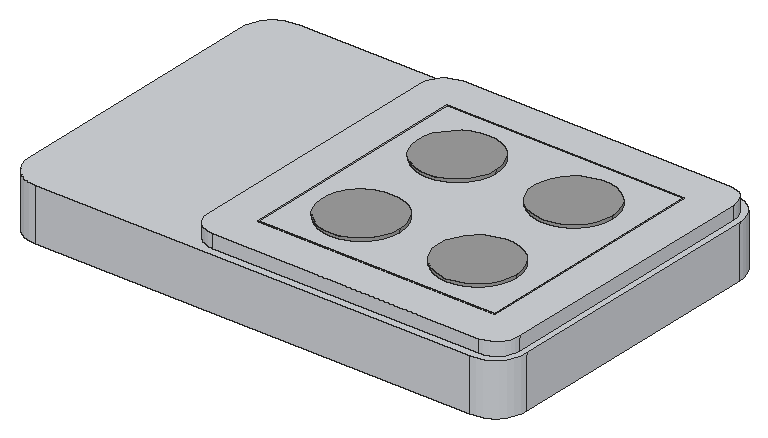
Revit family "Lighting-Industriale-GEWISS-SMART[4]HLO_APPARECCHI-LED_1M_DALI", category Apparecchi per illuminazione, Revit 2019
Family settings
  Quota connettore circolare = Usa diametro
  Tipo di parte = Normale
  Numero OmniClass = 23.80.00.00
  Titolo OmniClass = Electric Power and Lighting
  Basato su piano di lavoro = Sì
  Sempre verticale = No
  Taglio con vuoti quando caricato = No
  Sorgente d'illuminazione = No
  Condiviso = No
  Punto di calcolo locali = No
Parameters (values of type "GWS4123BQ857 - SMART4LB 1M C.PAS.DALI HLO ELL.57K")
  Voltaggio = 230 V
  Viti esterne = "Acciaio inox"
  Vetro acceso = Lampada accesa
  Versione file RFA = "20.11"
  Vano di alimentazione = "Integrato"
  URL = "https://www.gewiss.com/it/it"
  Tolleranza cromatica = "SDCM = 3"
  Tipologia sorgente luminosa = "LED - Non sostituibile"
  Tipo di installazione e montaggio = "Plafone - Parete - Sospensione"
  Tipo di apparecchio = "Riflettore industriale a LED&nbsp;"
  Tensione di alimentazione = "220 - 240 V"
  Temperatura di stoccaggio = "-40 +70 °C"
  Temperatura di esercizio = "-30°C ÷ +50 °C"
  Temperatura di colore = "5700K"
  Superficie massima esposta al vento : = "0,097 m²"
  Spostamento_Y_etichetta [instance] = 0 mm
  Spostamento_Y_effettivo_etichetta [instance] = 1500 mm - Spostamento_Y_etichetta  # 1500 mm
  Spostamento_X_etichetta [instance] = 0 mm
  Spostamento_X_effettivo_etichetta [instance] = 1500 mm - Spostamento_X_etichetta  # 1500 mm
  SostituibilitÃ  piastra di cablaggio = "Non sostituibile"
  SostituibilitÃ  gruppo ottico = "Non sostituibile"
  Sistema di controllo : = "DALI"
  Sistema di controllo = "1 x DALI DT6"
  Schermo = "Vetro Temprato Spessore 4mm"
  Scheda Tecnica = "https://www.gewiss.com/it/it/search?q=GWS4123BQ857"
  SEO = "Low Bay"
  Resistenza al filo incandescente = "850 °C"
  Resistenza agli urti = "IK08"
  Produttore = "GEWISS S.p.A."
  Potenza di sistema = "64W"
  Peso (kg): = "3,5"
  Ottica = "Ellittica"
  Offset etichetta W [instance] = 120 mm
  Norma di riferimento = "EN 60598-1 ; EN 60598-2-1 ; EN 60598-2-24"
  Modello = "GWS4123BQ857"
  Materiali = "-"
  Lumen output (lm) = "8200"
  Lampada = "LED"
  Installazione e manutenzione = "-"
  Informazioni generali = "-"
  Indice di resa cromatica = "CRI-80"
  Inclinazione = "Con accessorio staffa"
  Immagine tipo = GWL1071.jpg
  IPEA = "-"
  IFC.TypeObject = ""
  IFC.ExportType = ""
  IFC.ExportAs = ""
  IDT = "0f19f0c5244441bab192072dc14552b5"
  IDF = "b18c6a4f-d068-432d-b6b1-00c99e93b5ad"
  Guarnizioni = "tipo siliconico antinvecchiamento "
  Gruppo ottico = "Riflettore in PC metallizzato e lenti in PMMA"
  Grado di protezione = "IP66"
  Garanzia = "5 anni"
  Gancio di chiusura = "-"
  Frequenza nominale (Hz) = "50/60 Hz"
  Fissaggio = "-"
  Finitura colore = "Grigio RAL 7035"
  Etichetta wattaggio [instance] = yes
  Default Elevation = 1219.2 mm
  Trasformatore = none
  Spessore plafoniera = 40 mm  # constant formula
  Proiettsmart [instance] = yes
  Raggio led = 30 mm  # constant formula
  Plafoniera = none
  Efficienza luminosa (lm/W) = "128"
  Durata di vita = "L90B10 (Tq+25°C) = 100.000 h - L90B10 (Tq+50°C) = 50.000 h"
  Dispositivo di protezione = "DM 6 kV / CM 10 kV"
  Descrizione = "SMART[4]LB 1M C.PAS.DALI HLO ELL.57K"
  Creato da GEWISS S.p.A. = ""
  Corpo = "PA6 “Halogen Free” caricato fibra vetro"
  Controllo abbagliamento e luminanza = "-"
  Contesto = "Illuminazione di logistiche e locali produttivi industriali"
  Commenti sul wattaggio = "50W"
  Colore = "Grigio RAL 7035"
  Codice digitale univoco (Datamatrix) = "Datamatrix"
  Codice Electrocod = "2444"
  Classificazione: = "-"
  Classificazione = Lighting
  Classe isolamento = "I"
  Classe fotobiologica = "RG0"
  Certificazioni e classificazioni = "-"
  Certificazione DIN 18032-3 = "Con Staffa - Kit Funi + morsetto (in approvazione)"
  Catalogo = "LIGHTING"
  Carico apparente = 50 VA
  Motore = none
  Lunghezza = 383 mm  # constant formula
  Larghezza = 253 mm  # constant formula
  Distanza tot_plafoniera = 74 mm  # constant formula
  Dettaglio bidimensionale attivo [instance] = not(Proiettsmart)  # no
  Caratteristiche ottiche e illuminotecniche = "-"
  Caratteristiche elettriche e gestione della luce = "-"
  Cablaggio = "Con connettore stagno Gw connect"
  COBie.Tagnumber = ""
  COBie.CreatedOn = ""
  COBie.CreatebBy = ""
  COBie.ComponentRegisterItemID = ""
  COBie.Component.TagNumber = ""
  COBie.Component.Space = ""
  COBie.Component.SerialNumber = ""
  COBie.Component.InstallationDate = ""
  COBie.Component.Description = ""
  COBie.Component.BarCode = ""
  Applicazione = "Interno"
  Apparecchio a ridotta temperatura superficiale = "Si"
  Alimentatore = "Incluso"
Types (36, lengths in mm): name | Temperatura di colore | Scheda Tecnica | SEO | Ottica | Modello | Lumen output (lm) | IDT | Gruppo ottico | Efficienza luminosa (lm/W) | Descrizione | Controllo abbagliamento e luminanza
  GWS4121BA830 - SMART4LB 1M ST.AL.DALI HLO ARR.30K | "3000K" | "https://www.gewiss.com/it/it/search?q=GWS4121BA830" | "" | "Array" | "GWS4121BA830" | "8700" | "3c8c9cd2a1f8466ea330df7b803f5e3e" | "Riflettore in PC metallizzato" | "136" | "SMART[4]LB 1M ST.AL.DALI HLO ARR.30K" | "-"
  GWS4121BA840 - SMART4LB 1M ST.AL.DALI HLO ARR.40K | "4000K" | "https://www.gewiss.com/it/it/search?q=GWS4121BA840" | "" | "Array" | "GWS4121BA840" | "9200" | "fc32e31fcfe947ef98c649eb0c9092ca" | "Riflettore in PC metallizzato" | "144" | "SMART[4]LB 1M ST.AL.DALI HLO ARR.40K" | "-"
  GWS4121BA857 - SMART4LB 1M ST.AL.DALI HLO ARR.57K | "5700K" | "https://www.gewiss.com/it/it/search?q=GWS4121BA857" | "" | "Array" | "GWS4121BA857" | "9200" | "cf8a8344517a413eb03ec89a6845701b" | "Riflettore in PC metallizzato" | "144" | "SMART[4]LB 1M ST.AL.DALI HLO ARR.57K" | "-"
  GWS4121BC830 - SMART4LB 1M ST.AL.DALI HLO ASI.30K | "3000K" | "https://www.gewiss.com/it/it/search?q=GWS4121BC830" | "Low Bay" | "Asimmetrica" | "GWS4121BC830" | "7800" | "a0b648026476420b8dc21789f594ab3c" | "Riflettore in PC metallizzato e lenti in PMMA" | "122" | "SMART[4]LB 1M ST.AL.DALI HLO ASI.30K" | "-"
  GWS4121BC840 - SMART4LB 1M ST.AL.DALI HLO ASI.40K | "4000K" | "https://www.gewiss.com/it/it/search?q=GWS4121BC840" | "Low Bay" | "Asimmetrica" | "GWS4121BC840" | "8200" | "88e05dfef13146d99efdb6a832d9ab8c" | "Riflettore in PC metallizzato e lenti in PMMA" | "128" | "SMART[4]LB 1M ST.AL.DALI HLO ASI.40K" | "-"
  GWS4121BC857 - SMART4LB 1M ST.AL.DALI HLO ASI.57K | "5700K" | "https://www.gewiss.com/it/it/search?q=GWS4121BC857" | "Low Bay" | "Asimmetrica" | "GWS4121BC857" | "8200" | "9ff981c9860f40c5b783777c3291eb13" | "Riflettore in PC metallizzato e lenti in PMMA" | "128" | "SMART[4]LB 1M ST.AL.DALI HLO ASI.57K" | "-"
  GWS4121BF830 - SMART4LB 1M ST.AL.DALI HLO 30° 30K | "3000K" | "https://www.gewiss.com/it/it/search?q=GWS4121BF830" | "" | "30°" | "GWS4121BF830" | "8600" | "a25cc7125eb34224b572debc80b601d7" | "Riflettore in PC metallizzato e lenti in PMMA" | "134" | "SMART[4]LB 1M ST.AL.DALI HLO 30° 30K" | "UGR - 22"
  GWS4121BF840 - SMART4LB 1M ST.AL.DALI HLO 30° 40K | "4000K" | "https://www.gewiss.com/it/it/search?q=GWS4121BF840" | "" | "30°" | "GWS4121BF840" | "9000" | "d29e8aeb44ce46139e3ee9839a01651b" | "Riflettore in PC metallizzato e lenti in PMMA" | "141" | "SMART[4]LB 1M ST.AL.DALI HLO 30° 40K" | "UGR - 22"
  GWS4121BF857 - SMART4LB 1M ST.AL.DALI HLO 30° 57K | "5700K" | "https://www.gewiss.com/it/it/search?q=GWS4121BF857" | "" | "30°" | "GWS4121BF857" | "9000" | "33cec2ce45a848bb8ca47bcfa83b6f1e" | "Riflettore in PC metallizzato e lenti in PMMA" | "141" | "SMART[4]LB 1M ST.AL.DALI HLO 30° 57K" | "UGR - 22"
  GWS4121BH830 - SMART4LB 1M ST.AL.DALI HLO 60° 30K | "3000K" | "https://www.gewiss.com/it/it/search?q=GWS4121BH830" | "" | "60°" | "GWS4121BH830" | "8700" | "e9044566d9f142cb86b239b58a093b83" | "Riflettore in PC metallizzato e lenti in PMMA" | "136" | "SMART[4]LB 1M ST.AL.DALI HLO 60° 30K" | "UGR - 25"
  GWS4121BH840 - SMART4LB 1M ST.AL.DALI HLO 60° 40K | "4000K" | "https://www.gewiss.com/it/it/search?q=GWS4121BH840" | "" | "60°" | "GWS4121BH840" | "9200" | "d5c5bb56d87444a69fc6f2bb007e5cd2" | "Riflettore in PC metallizzato e lenti in PMMA" | "144" | "SMART[4]LB 1M ST.AL.DALI HLO 60° 40K" | "UGR - 25"
  GWS4121BH857 - SMART4LB 1M ST.AL.DALI HLO 60° 57K | "5700K" | "https://www.gewiss.com/it/it/search?q=GWS4121BH857" | "" | "60°" | "GWS4121BH857" | "9200" | "0def7b99f0bd4d9e8ef09be3a887c532" | "Riflettore in PC metallizzato e lenti in PMMA" | "144" | "SMART[4]LB 1M ST.AL.DALI HLO 60° 57K" | "UGR - 25"
  GWS4121BP830 - SMART4LB 1M ST.AL.DALI HLO 90° 30K | "3000K" | "https://www.gewiss.com/it/it/search?q=GWS4121BP830" | "" | "90°" | "GWS4121BP830" | "8800" | "e4cf1c9a884642aba78b24a96ff78798" | "Riflettore in PC metallizzato e lenti in PMMA" | "138" | "SMART[4]LB 1M ST.AL.DALI HLO 90° 30K" | "UGR - 25"
  GWS4121BP840 - SMART4LB 1M ST.AL.DALI HLO 90° 40K | "4000K" | "https://www.gewiss.com/it/it/search?q=GWS4121BP840" | "" | "90°" | "GWS4121BP840" | "9200" | "7dd5841921884531b88a6f8bfa8e61b4" | "Riflettore in PC metallizzato e lenti in PMMA" | "144" | "SMART[4]LB 1M ST.AL.DALI HLO 90° 40K" | "UGR - 25"
  GWS4121BP857 - SMART4LB 1M ST.AL.DALI HLO 90° 57K | "5700K" | "https://www.gewiss.com/it/it/search?q=GWS4121BP857" | "" | "90°" | "GWS4121BP857" | "9200" | "cb277817826749b794fbcda43e3a19d6" | "Riflettore in PC metallizzato e lenti in PMMA" | "144" | "SMART[4]LB 1M ST.AL.DALI HLO 90° 57K" | "UGR - 25"
  GWS4121BQ830 - SMART4LB 1M ST.AL.DALI HLO ELL.30K | "3000K" | "https://www.gewiss.com/it/it/search?q=GWS4121BQ830" | "Low Bay" | "Ellittica" | "GWS4121BQ830" | "7800" | "1e9ce777929e46018d5902249b083327" | "Riflettore in PC metallizzato e lenti in PMMA" | "122" | "SMART[4]LB 1M ST.AL.DALI HLO ELL.30K" | "-"
  GWS4121BQ840 - SMART4LB 1M ST.AL.DALI HLO ELL.40K | "4000K" | "https://www.gewiss.com/it/it/search?q=GWS4121BQ840" | "Low Bay" | "Ellittica" | "GWS4121BQ840" | "8200" | "864ab2423d074fd385efe1e645d140bf" | "Riflettore in PC metallizzato e lenti in PMMA" | "128" | "SMART[4]LB 1M ST.AL.DALI HLO ELL.40K" | "-"
  GWS4121BQ857 - SMART4LB 1M ST.AL.DALI HLO ELL.57K | "5700K" | "https://www.gewiss.com/it/it/search?q=GWS4121BQ857" | "Low Bay" | "Ellittica" | "GWS4121BQ857" | "8200" | "25e801fb086948e2b4327555bf07c617" | "Riflettore in PC metallizzato e lenti in PMMA" | "128" | "SMART[4]LB 1M ST.AL.DALI HLO ELL.57K" | "-"
  GWS4123BA830 - SMART4LB 1M C.PAS.DALI HLO ARR.30K | "3000K" | "https://www.gewiss.com/it/it/search?q=GWS4123BA830" | "" | "Array" | "GWS4123BA830" | "8700" | "6fc344f2021542a3b1c946733bec046f" | "Riflettore in PC metallizzato" | "136" | "SMART[4]LB 1M C.PAS.DALI HLO ARR.30K" | "-"
  GWS4123BA840 - SMART4LB 1M C.PAS.DALI HLO ARR.40K | "4000K" | "https://www.gewiss.com/it/it/search?q=GWS4123BA840" | "" | "Array" | "GWS4123BA840" | "9200" | "5fcec995ed3e46dd97f602341056cff6" | "Riflettore in PC metallizzato" | "144" | "SMART[4]LB 1M C.PAS.DALI HLO ARR.40K" | "-"
  GWS4123BA857 - SMART4LB 1M C.PAS.DALI HLO ARR.57K | "5700K" | "https://www.gewiss.com/it/it/search?q=GWS4123BA857" | "" | "Array" | "GWS4123BA857" | "9200" | "cad7cdcff6d94a1cbaaf84e02f2e9f9c" | "Riflettore in PC metallizzato" | "144" | "SMART[4]LB 1M C.PAS.DALI HLO ARR.57K" | "-"
  GWS4123BC830 - SMART4LB 1M C.PAS.DALI HLO ASI.30K | "3000K" | "https://www.gewiss.com/it/it/search?q=GWS4123BC830" | "Low Bay" | "Asimmetrica" | "GWS4123BC830" | "7800" | "506f4d9ad5a044b8b5ea046696c04247" | "Riflettore in PC metallizzato e lenti in PMMA" | "122" | "SMART[4]LB 1M C.PAS.DALI HLO ASI.30K" | "-"
  GWS4123BC840 - SMART4LB 1M C.PAS.DALI HLO ASI.40K | "4000K" | "https://www.gewiss.com/it/it/search?q=GWS4123BC840" | "Low Bay" | "Asimmetrica" | "GWS4123BC840" | "8200" | "a50ae92af3244e0aadfb2ab6c186a472" | "Riflettore in PC metallizzato e lenti in PMMA" | "128" | "SMART[4]LB 1M C.PAS.DALI HLO ASI.40K" | "-"
  GWS4123BC857 - SMART4LB 1M C.PAS.DALI HLO ASI.57K | "5700K" | "https://www.gewiss.com/it/it/search?q=GWS4123BC857" | "Low Bay" | "Asimmetrica" | "GWS4123BC857" | "8200" | "e3c59657c70f4f66a7e8467e85947b53" | "Riflettore in PC metallizzato e lenti in PMMA" | "128" | "SMART[4]LB 1M C.PAS.DALI HLO ASI.57K" | "-"
  GWS4123BF830 - SMART4LB 1M C.PAS.DALI HLO 30° 30K | "3000K" | "https://www.gewiss.com/it/it/search?q=GWS4123BF830" | "" | "30°" | "GWS4123BF830" | "8600" | "8fe097f7d60a4ec2a90aec73ccdb869a" | "Riflettore in PC metallizzato e lenti in PMMA" | "134" | "SMART[4]LB 1M C.PAS.DALI HLO 30° 30K" | "UGR - 22"
  GWS4123BF840 - SMART4LB 1M C.PAS.DALI HLO 30° 40K | "4000K" | "https://www.gewiss.com/it/it/search?q=GWS4123BF840" | "" | "30°" | "GWS4123BF840" | "9000" | "2c78ef94f8dc4b6eb48cc91e5226dd56" | "Riflettore in PC metallizzato e lenti in PMMA" | "141" | "SMART[4]LB 1M C.PAS.DALI HLO 30° 40K" | "UGR - 22"
  GWS4123BF857 - SMART4LB 1M C.PAS.DALI HLO 30° 57K | "5700K" | "https://www.gewiss.com/it/it/search?q=GWS4123BF857" | "" | "30°" | "GWS4123BF857" | "9000" | "e72fbe3d36494be5b6a607f2f80b7e8c" | "Riflettore in PC metallizzato e lenti in PMMA" | "141" | "SMART[4]LB 1M C.PAS.DALI HLO 30° 57K" | "UGR - 22"
  GWS4123BH830 - SMART4LB 1M C.PAS.DALI HLO 60° 30K | "3000K" | "https://www.gewiss.com/it/it/search?q=GWS4123BH830" | "" | "60°" | "GWS4123BH830" | "8700" | "332ed2f7157f4022bec102e0d33e26fe" | "Riflettore in PC metallizzato e lenti in PMMA" | "136" | "SMART[4]LB 1M C.PAS.DALI HLO 60° 30K" | "UGR - 25"
  GWS4123BH840 - SMART4LB 1M C.PAS.DALI HLO 60° 40K | "4000K" | "https://www.gewiss.com/it/it/search?q=GWS4123BH840" | "" | "60°" | "GWS4123BH840" | "9200" | "be55320ac3cc4c30ab8e75c2cf8222e5" | "Riflettore in PC metallizzato e lenti in PMMA" | "144" | "SMART[4]LB 1M C.PAS.DALI HLO 60° 40K" | "UGR - 25"
  GWS4123BH857 - SMART4LB 1M C.PAS.DALI HLO 60° 57K | "5700K" | "https://www.gewiss.com/it/it/search?q=GWS4123BH857" | "" | "60°" | "GWS4123BH857" | "9200" | "0a12d31ccdb84652b1b2a166e5128af2" | "Riflettore in PC metallizzato e lenti in PMMA" | "144" | "SMART[4]LB 1M C.PAS.DALI HLO 60° 57K" | "UGR - 25"
  GWS4123BP830 - SMART4LB 1M C.PAS.DALI HLO 90° 30K | "3000K" | "https://www.gewiss.com/it/it/search?q=GWS4123BP830" | "" | "90°" | "GWS4123BP830" | "8800" | "c0ab7bf293074d3eb7aa119152d3f6b5" | "Riflettore in PC metallizzato e lenti in PMMA" | "138" | "SMART[4]LB 1M C.PAS.DALI HLO 90° 30K" | "UGR - 25"
  GWS4123BP840 - SMART4LB 1M C.PAS.DALI HLO 90° 40K | "4000K" | "https://www.gewiss.com/it/it/search?q=GWS4123BP840" | "" | "90°" | "GWS4123BP840" | "9200" | "d1b9887548ab42a0939a33bf9b0ca247" | "Riflettore in PC metallizzato e lenti in PMMA" | "144" | "SMART[4]LB 1M C.PAS.DALI HLO 90° 40K" | "UGR - 25"
  GWS4123BP857 - SMART4LB 1M C.PAS.DALI HLO 90° 57K | "5700K" | "https://www.gewiss.com/it/it/search?q=GWS4123BP857" | "" | "90°" | "GWS4123BP857" | "9200" | "d0153c7a045b47d38d3cf9b3a6626c4d" | "Riflettore in PC metallizzato e lenti in PMMA" | "144" | "SMART[4]LB 1M C.PAS.DALI HLO 90° 57K" | "UGR - 25"
  GWS4123BQ830 - SMART4LB 1M C.PAS.DALI HLO ELL.30K | "3000K" | "https://www.gewiss.com/it/it/search?q=GWS4123BQ830" | "Low Bay" | "Ellittica" | "GWS4123BQ830" | "7800" | "bbe2d4bfdb1746bab4d4adc563020c20" | "Riflettore in PC metallizzato e lenti in PMMA" | "122" | "SMART[4]LB 1M C.PAS.DALI HLO ELL.30K" | "-"
  GWS4123BQ840 - SMART4LB 1M C.PAS.DALI HLO ELL.40K | "4000K" | "https://www.gewiss.com/it/it/search?q=GWS4123BQ840" | "Low Bay" | "Ellittica" | "GWS4123BQ840" | "8200" | "0459e44a1a3244479af00d5aa7a43ae8" | "Riflettore in PC metallizzato e lenti in PMMA" | "128" | "SMART[4]LB 1M C.PAS.DALI HLO ELL.40K" | "-"
  GWS4123BQ857 - SMART4LB 1M C.PAS.DALI HLO ELL.57K | "5700K" | "https://www.gewiss.com/it/it/search?q=GWS4123BQ857" | "Low Bay" | "Ellittica" | "GWS4123BQ857" | "8200" | "0f19f0c5244441bab192072dc14552b5" | "Riflettore in PC metallizzato e lenti in PMMA" | "128" | "SMART[4]LB 1M C.PAS.DALI HLO ELL.57K" | "-"
Reference planes
  plane 1 "Centro (Fronte/Retro)": y = 0
  plane 2: z = 0
  plane 3 "Centro (Sinistra/Destra)": x = 0
  plane 4: x = -191.5
  plane 5: y = 126.5
  plane 6: x = 191.5
  plane 7: y = -126.5
  plane 8: z = -74
  plane 9: x = -175.5
  plane 10: y = -110.5
  plane 11: y = 110.5
  plane 12: x = -60.5
  plane 13: y = 121.5
  plane 14: x = 186.5
  plane 15: y = -120
  plane 16: z = 74
  plane 17: z = 84
  plane 18: z = 86
  plane 19: x = -1500
  plane 20: y = -1500
  plane 21: x = 0
  plane 22: y = 0
Dimensions and locks
  equal spacing: plane 5, plane 1 "Centro (Fronte/Retro)", plane 7
  equal spacing: plane 4, plane 3 "Centro (Sinistra/Destra)", plane 6
  "Lunghezza": plane 4 to plane 6
  "Larghezza": plane 5 to plane 7
  locked: plane 14 to plane 6 at 5
  locked: plane 5 to plane 13 at 5
  nested 3 to plane 8 = 133.058 mm
  locked: plane 4 to plane 9 at 16
  "Offset etichetta W": plane 1 "Centro (Fronte/Retro)" to plane 15
  "Distanza tot_plafoniera": plane 16 to level
  locked: plane 18 to plane 17 at 2
  plane 19 to plane 3 "Centro (Sinistra/Destra)" = 1500 mm
  plane 1 "Centro (Fronte/Retro)" to plane 20 = 1500 mm
  "Spostamento_Y_effettivo_etichetta": plane 22 to plane 20
  "Spostamento_X_effettivo_etichetta": plane 19 to plane 21
  aligned and locked: level to plane 2
  aligned and locked: plane 4 to nested 1
  aligned and locked: plane 6 to nested 1
  aligned and locked: plane 5 to nested 1
  aligned and locked: plane 7 to nested 1
  aligned and locked: plane 14 to nested 2
  aligned and locked: plane 1 "Centro (Fronte/Retro)" to nested 10
  aligned and locked: nested 3 to plane 2
  aligned and locked: plane 16 to nested 1
  aligned and locked: plane 1 "Centro (Fronte/Retro)" to nested 8
  aligned and locked: plane 1 "Centro (Fronte/Retro)" to nested 1
  aligned and locked: plane 1 "Centro (Fronte/Retro)" to nested 2
  aligned and locked: nested 2 to plane 16
  aligned and locked: nested 4 to plane 18
  aligned and locked: plane 18 to nested 6
  aligned and locked: nested 7 to plane 18
  aligned and locked: plane 18 to nested 5
  aligned and locked: nested 9 to plane 22
  aligned and locked: plane 21 to nested 9
Nested families
  nested 1: "Struttura_SMART[4] LB - 2+2 L" at (0, 0, 74), type "SMART Lab (4) 4L"
  nested 2: "mascherina_SMART (4)" at (66.5, 0, 84), type "Maschera_smart (4) 4L", detail levels medium+fine
  nested 3: "Staffa SMART LAB 4" at (65, -20, 59.058) x (0, 1, 0) z (0, 0, -1), type "Staffa SMART LAB 4", detail levels medium+fine
  nested 4: "Gewis - Led" at (20.25, 44.75, 86), type "Gewis - Led", detail levels fine
  nested 5: "Gewis - Led" at (109.75, 44.75, 86) x (-1, 0, 0) z (0, 0, 1), type "Gewis - Led", detail levels fine
  nested 6: "Gewis - Led" at (20.25, -47.75, 86), type "Gewis - Led", detail levels fine
  nested 7: "Gewis - Led" at (109.75, -47.75, 86) x (-1, 0, 0) z (0, 0, 1), type "Gewis - Led", detail levels fine
  nested 8: "Rappr_bidimensionale_SMART[4] LB 4L" at (40, 0, 0), visible <- "Dettaglio bidimensionale attivo", type "SMART[4] LB 4L_bidimensionalerfa"
  nested 9: "ETICHETTA LIGHT" at (0, 0, 0), visible <- "Etichetta wattaggio", type "ETICHETTA LIGHT"
  nested 10: "PROIETTSMART " at (-32.162, 0, 0), visible <- "Proiettsmart", type "PROIETTSMART "
Connectors
  electrical at (0.009, -0.098, 34), driven by "Classificazione", driven by "Carico apparente"
    settings: on nested 1, index 1, voltage 230 V, apparent load 0 VA, apparent load phase1 50 VA, apparent load phase2 0 VA, apparent load phase3 0 VA, power factor 1, load classification "Lighting", number of poles 2, system type 31, power factor state 1, is connector primary yes, connector utility no, sub classification motor no, connector description ""
Definition of nested family "Struttura_SMART[4] LB - 2+2 L"
  Parameters (values of type "SMART Lab (4) 4L")
    Struttura plafoniera = none
    Spessore_plafoniera = 40 mm
    Lunghezza = 383 mm
    Larghezza = 253 mm
  Reference planes
    plane 1 "Asse sorgente illuminazione (F/B)": y = 0
    plane 2: z = 0
    plane 3 "Asse sorgente illuminazione (L/R)": x = 0
    plane 4 "Prospetto sorgente di illuminazione": z = -40
    plane 5 "SX": x = -191.5
    plane 6 "DX": x = 191.5
    plane 7 "DIETRO": y = 126.5
    plane 8 "AVANTI": y = -126.5
    plane 9: x = -51.5
    plane 10: x = 180.5
    plane 11: y = -115.5
    plane 12: y = 115.5
    plane 13: x = -180.5
    plane 14: x = 51.5
  Forms (mm)
    Extrusion 1, solid, material <- "Struttura plafoniera"
      sketch origin (0, 0, 0) x (1, 0, 0) y (0, 1, 0)
        loop
          line (191.5, -102.095) -> (191.5, 102.09)
          arc (191.5, 102.09) -> (184.35, 119.35) -> (167.09, 126.5) r 24.41
          line (167.09, 126.5) -> (-167.009, 126.5)
          arc (-167.009, 126.5) -> (-184.554, 119.1) -> (-191.5, 101.371) r 24.499
          line (-191.5, 101.371) -> (-191.5, -102.092)
          arc (-191.5, -102.092) -> (-184.351, -119.351) -> (-167.092, -126.5) r 24.408
          line (-167.092, -126.5) -> (167.117, -126.5)
          arc (167.117, -126.5) -> (184.334, -119.368) -> (191.465, -102.152) r 24.348
      from -40 to 0
  Dimensions and locks
    equal spacing: plane 5 "SX", plane 3 "Asse sorgente illuminazione (L/R)", plane 6 "DX"
    equal spacing: plane 7 "DIETRO", plane 1 "Asse sorgente illuminazione (F/B)", plane 8 "AVANTI"
    "Lunghezza": plane 5 "SX" to plane 6 "DX"
    "Larghezza": plane 7 "DIETRO" to plane 8 "AVANTI"
    locked: plane 7 "DIETRO" to plane 12 at 11
    locked: plane 11 to plane 8 "AVANTI" at 11
    locked: plane 10 to plane 6 "DX" at 11
    locked: plane 9 to plane 10 at 232
    plane 13 to plane 14 = 232 mm
    locked: plane 5 "SX" to plane 13 at 11
    "Spessore_plafoniera": plane 2 to plane 4 "Prospetto sorgente di illuminazione"
    aligned and locked: level to plane 2
    aligned and locked: Extrusion 1 to plane 5 "SX"
    aligned and locked: Extrusion 1 to plane 8 "AVANTI"  (x2)
    aligned and locked: plane 7 "DIETRO" to Extrusion 1
    aligned and locked: plane 6 "DX" to Extrusion 1
    aligned and locked: plane 4 "Prospetto sorgente di illuminazione" to Extrusion 1
    aligned and locked: plane 2 to Extrusion 1
  Automatic sketch dimensions
    Extrusion 1 sketch curve to plane 5 "SX" = 0 mm
    Extrusion 1 sketch curve to plane 8 "AVANTI" = 0 mm
    Extrusion 1 sketch curve to plane 7 "DIETRO" = 0 mm
    Extrusion 1 sketch curve to plane 6 "DX" = 0 mm
    plane 13 to Extrusion 1 sketch curve = 13.408 mm
    plane 13 to Extrusion 1 sketch curve = 13.491 mm
    Extrusion 1 sketch curve to plane 10 = 13.41 mm
    Extrusion 1 sketch curve to plane 10 = 13.383 mm
    plane 11 to Extrusion 1 sketch curve = 13.348 mm
    Extrusion 1 sketch curve to plane 12 = 14.129 mm
    Extrusion 1 sketch curve to Extrusion 1 sketch curve = 0.056 mm
Definition of nested family "mascherina_SMART (4)"
  Parameters (values of type "Maschera_smart (4) 4L")
    Spessore_mascherina = 10 mm
    Default Elevation = 1219.2 mm
    N.intarsi = (Lunghezza_mascherina - (Bordo * 2)) / 15 mm  # 12
    N._intarsi verticale = (Larghezza_mascherina - (Bordo * 2)) / 17 mm  # 11
    Mascherina = none
    Lunghezza_mascherina = 240 mm
    Larghezza_mascherina = 240 mm
    Distanza_intarsi v. = 41 mm  # constant formula
    Distanza_intarsi = 37 mm  # constant formula
    Bordo = 29 mm
  Reference planes
    plane 1 "Centro (Fronte/Retro)": y = 0
    plane 2: z = 0
    plane 3 "Centro (Sinistra/Destra)": x = 0
    plane 4: x = -120
    plane 5 "Dietro": y = 120
    plane 6: x = 120
    plane 7: y = -120
    plane 8: x = -91
    plane 9: y = -91
    plane 10: x = 91
    plane 11: y = 91
    plane 12: x = -83
    plane 13: y = 94.742
    plane 14: y = -95
    plane 15: z = -10
    plane 16: x = -95
    plane 17: y = 79
    plane 18: y = -79
    plane 19: x = 95
    plane 20: z = -4.799
  Forms (mm)
    Extrusion 1, solid, material <- "Mascherina"
      sketch origin (0, 0, 0) x (1, 0, 0) y (0, 1, 0)
        loop
          arc (-102.5, 120) -> (-114.874, 114.874) -> (-120, 102.5) r 17.5
          line (-120, 102.5) -> (-120, -102.5)
          arc (-120, -102.5) -> (-114.874, -114.874) -> (-102.5, -120) r 17.5
          line (-102.5, -120) -> (102.5, -120)
          arc (102.5, -120) -> (114.874, -114.874) -> (120, -102.5) r 17.5
          line (120, -102.5) -> (120, 102.5)
          arc (120, 102.5) -> (114.874, 114.874) -> (102.5, 120) r 17.5
          line (102.5, 120) -> (-102.5, 120)
        loop
          line (-91, 91) -> (-91, -91) -> (91, -91) -> (91, 91) -> (-91, 91)
      from -10 to 0
    Extrusion 2, solid, material <- "Mascherina"
      sketch origin (0, 0, 0) x (1, 0, 0) y (0, 1, 0)
        loop
          line (-91, 91) -> (-91, -91) -> (91, -91) -> (91, 91) -> (-91, 91)
      from -4.799 to 0
  Dimensions and locks
    equal spacing: plane 4, plane 3 "Centro (Sinistra/Destra)", plane 6
    "Lunghezza_mascherina": plane 4 to plane 6
    equal spacing: plane 5 "Dietro", plane 1 "Centro (Fronte/Retro)", plane 7
    "Larghezza_mascherina": plane 5 "Dietro" to plane 7
    "Bordo": plane 4 to plane 8
    "Bordo": plane 9 to plane 7
    "Bordo": plane 5 "Dietro" to plane 11
    "Bordo": plane 10 to plane 6
    "Distanza_intarsi": plane 4 to plane 12
    locked: plane 13 to plane 11 at 3.742
    "Spessore_mascherina": plane 2 to plane 15
    "Distanza_intarsi v.": plane 5 "Dietro" to plane 17
    "Distanza_intarsi v.": plane 18 to plane 7
    locked: plane 9 to plane 14 at 4
    locked: plane 16 to plane 8 at 4
    locked: plane 10 to plane 19 at 4
    locked: plane 2 to plane 20 at 4.799
    radius of Extrusion 1 sketch curve = 17.5 mm  (x4)
    aligned and locked: level to plane 2
    aligned and locked: plane 4 to Extrusion 1 sketch curve
    aligned and locked: plane 6 to Extrusion 1 sketch curve
    aligned and locked: Extrusion 1 sketch curve to plane 5 "Dietro"
    aligned and locked: Extrusion 1 sketch curve to plane 7
    aligned and locked: Extrusion 1 sketch curve to plane 11
    aligned and locked: plane 8 to Extrusion 1 sketch curve
    aligned and locked: plane 9 to Extrusion 1 sketch curve
    aligned and locked: Extrusion 1 sketch curve to plane 10
    aligned and locked: plane 2 to Extrusion 1
    aligned and locked: Extrusion 1 to plane 15
    aligned and locked: Extrusion 2 sketch curve to plane 10
    aligned and locked: plane 9 to Extrusion 2 sketch curve
    aligned and locked: plane 8 to Extrusion 2 sketch curve
    aligned and locked: Extrusion 2 sketch curve to plane 11
    aligned and locked: plane 2 to Extrusion 2
    aligned and locked: Extrusion 2 to plane 20
Definition of nested family "Staffa SMART LAB 4"
  Parameters (values of type "Staffa SMART LAB 4")
    Staffa = none
    Default Elevation = 1219.2 mm
  Reference planes
    plane 1 "Centro (Fronte/Retro)": y = 0
    plane 2: z = 0
    plane 3 "Centro (Sinistra/Destra)": x = 0
    plane 4: y = 25
    plane 5: y = -25
    plane 6: x = -480
    plane 7: x = 480
    plane 8: z = 340
  Forms (mm)
    Extrusion 1, solid, material <- "Staffa"
      sketch origin (-19.427, 0, 0) x (1, 0, 0) y (0, 0, 1)
        loop
          line (-52.112, 0) -> (-51.312, 0) -> (-51.312, 5.038) -> (-51.312, 7.679) -> (-48.064, 11.553) -> (-48.309, 20.832)
          arc (-48.309, 20.832) -> (-48.108, 21.384) -> (-47.585, 21.651) r 0.801
          line (-47.585, 21.651) -> (-46.541, 21.744)
          arc (-46.541, 21.744) -> (-45.388, 22.346) -> (-44.998, 23.587) r 1.701
          line (-44.998, 23.587) -> (-45.225, 26.168) -> (-47.881, 28.39) -> (-47.881, 32.971) -> (-23.475, 58.058) -> (62.329, 58.058) -> (86.735, 32.971) -> (86.735, 28.39) -> (84.08, 26.168) -> (83.852, 23.587)
          arc (83.852, 23.587) -> (84.243, 22.346) -> (85.396, 21.744) r 1.701
          line (85.396, 21.744) -> (86.439, 21.651)
          arc (86.439, 21.651) -> (86.963, 21.384) -> (87.163, 20.832) r 0.801
          line (87.163, 20.832) -> (86.919, 11.553) -> (90.167, 7.679) -> (90.167, 5.038) -> (90.167, 0) -> (90.967, 0) -> (90.967, 5.038) -> (90.967, 7.979) -> (87.921, 11.618) -> (88.163, 20.806)
          arc (88.163, 20.806) -> (87.71, 22.048) -> (86.531, 22.647) r 1.801
          line (86.531, 22.647) -> (85.484, 22.74)
          arc (85.484, 22.74) -> (85.009, 22.988) -> (84.849, 23.499) r 0.701
          line (84.849, 23.499) -> (85.039, 25.667) -> (87.735, 27.923) -> (87.735, 32.876) -> (86.947, 34.187) -> (62.751, 59.058) -> (-23.897, 59.058) -> (-48.093, 34.187) -> (-48.881, 32.876) -> (-48.881, 27.923) -> (-46.185, 25.667) -> (-45.994, 23.499)
          arc (-45.994, 23.499) -> (-46.155, 22.988) -> (-46.63, 22.74) r 0.701
          line (-46.63, 22.74) -> (-47.676, 22.647)
          arc (-47.676, 22.647) -> (-48.856, 22.048) -> (-49.308, 20.806) r 1.801
          line (-49.308, 20.806) -> (-49.066, 11.618) -> (-52.112, 7.979) -> (-52.112, 5.038) -> (-52.112, 0)
      from -25 to 25
  Dimensions and locks
    equal spacing: plane 6, plane 3 "Centro (Sinistra/Destra)", plane 7
    equal spacing: plane 4, plane 1 "Centro (Fronte/Retro)", plane 5
    plane 4 to plane 5 = 50 mm
    plane 6 to plane 7 = 960 mm
    aligned and locked: level to plane 2
    aligned and locked: plane 4 to Extrusion 1
    aligned and locked: Extrusion 1 to plane 5
  Automatic sketch dimensions
    Extrusion 1 sketch curve to Extrusion 1 sketch curve = 0 mm  (x10)
    Extrusion 1 sketch curve to level = 0 mm  (x2)
    level to Extrusion 1 sketch curve = 5.038 mm
    Extrusion 1 sketch curve to plane 3 "Centro (Sinistra/Destra)" = 71.54 mm
    Extrusion 1 sketch curve to Extrusion 1 sketch curve = 0.8 mm  (x2)
    level to Extrusion 1 sketch curve = 20.806 mm  (x2)
    Extrusion 1 sketch curve to Extrusion 1 sketch curve = 2.804 mm
    level to Extrusion 1 sketch curve = 11.618 mm  (x2)
    Extrusion 1 sketch curve to Extrusion 1 sketch curve = 2.246 mm  (x2)
    Extrusion 1 sketch curve to Extrusion 1 sketch curve = 0.428 mm
    level to Extrusion 1 sketch curve = 20.832 mm  (x2)
    Extrusion 1 sketch curve to Extrusion 1 sketch curve = 1 mm  (x4)
    Extrusion 1 sketch curve to Extrusion 1 sketch curve = 0.788 mm
    level to Extrusion 1 sketch curve = 11.553 mm  (x2)
    Extrusion 1 sketch curve to Extrusion 1 sketch curve = 1.002 mm  (x2)
    level to Extrusion 1 sketch curve = 22.647 mm  (x2)
    Extrusion 1 sketch curve to Extrusion 1 sketch curve = 0.632 mm
    level to Extrusion 1 sketch curve = 21.651 mm  (x2)
    Extrusion 1 sketch curve to Extrusion 1 sketch curve = 0.092 mm  (x2)
    Extrusion 1 sketch curve to Extrusion 1 sketch curve = 0.984 mm
    level to Extrusion 1 sketch curve = 22.74 mm  (x2)
    Extrusion 1 sketch curve to Extrusion 1 sketch curve = 0.062 mm
    level to Extrusion 1 sketch curve = 21.744 mm  (x2)
    Extrusion 1 sketch curve to Extrusion 1 sketch curve = 0.088 mm
    Extrusion 1 sketch curve to Extrusion 1 sketch curve = 0.507 mm
    level to Extrusion 1 sketch curve = 23.499 mm  (x2)
    Extrusion 1 sketch curve to Extrusion 1 sketch curve = 0.698 mm  (x2)
    Extrusion 1 sketch curve to Extrusion 1 sketch curve = 0.96 mm  (x2)
    level to Extrusion 1 sketch curve = 23.587 mm  (x2)
    Extrusion 1 sketch curve to plane 3 "Centro (Sinistra/Destra)" = 43.324 mm
    Extrusion 1 sketch curve to Extrusion 1 sketch curve = 0.422 mm  (x2)
    plane 3 "Centro (Sinistra/Destra)" to Extrusion 1 sketch curve = 42.902 mm
    Extrusion 1 sketch curve to Extrusion 1 sketch curve = 21.523 mm
    level to Extrusion 1 sketch curve = 26.168 mm
    Extrusion 1 sketch curve to Extrusion 1 sketch curve = 0.227 mm
    Extrusion 1 sketch curve to Extrusion 1 sketch curve = 0.996 mm
    level to Extrusion 1 sketch curve = 25.667 mm
    Extrusion 1 sketch curve to Extrusion 1 sketch curve = 0.548 mm
    Extrusion 1 sketch curve to Extrusion 1 sketch curve = 0.966 mm
    Extrusion 1 sketch curve to Extrusion 1 sketch curve = 0.077 mm
    level to Extrusion 1 sketch curve = 28.39 mm
    Extrusion 1 sketch curve to Extrusion 1 sketch curve = 1.696 mm
    Extrusion 1 sketch curve to Extrusion 1 sketch curve = 0.557 mm
    level to Extrusion 1 sketch curve = 34.187 mm
    Extrusion 1 sketch curve to Extrusion 1 sketch curve = 0.212 mm
    Extrusion 1 sketch curve to Extrusion 1 sketch curve = 0.801 mm
    level to Extrusion 1 sketch curve = 7.679 mm
    Extrusion 1 sketch curve to Extrusion 1 sketch curve = 2.641 mm  (x2)
    Extrusion 1 sketch curve to Extrusion 1 sketch curve = 0.3 mm  (x2)
    Extrusion 1 sketch curve to Extrusion 1 sketch curve = 2.168 mm
    Extrusion 1 sketch curve to Extrusion 1 sketch curve = 0.501 mm
    Extrusion 1 sketch curve to Extrusion 1 sketch curve = 0.467 mm  (x2)
    Extrusion 1 sketch curve to Extrusion 1 sketch curve = 2.256 mm
    Extrusion 1 sketch curve to Extrusion 1 sketch curve = 4.486 mm
    Extrusion 1 sketch curve to Extrusion 1 sketch curve = 1.311 mm
    Extrusion 1 sketch curve to Extrusion 1 sketch curve = 0.095 mm  (x2)
    Extrusion 1 sketch curve to Extrusion 1 sketch curve = 1.216 mm
    Extrusion 1 sketch curve to Extrusion 1 sketch curve = 23.87 mm
Definition of nested family "Gewis - Led"
  Parameters (values of type "Gewis - Led")
    Vetro = none
    Raggio led = 30 mm
    Default Elevation = 1219.2 mm
    Estensione vetro = 3 mm
  Reference planes
    plane 1 "Centro (Fronte/Retro)": y = 0
    plane 2: z = 0
    plane 3 "Centro (Sinistra/Destra)": x = 0
  Forms (mm)
    Extrusion 1, solid, material <- "Vetro"
      sketch origin (0, 0, 0) x (1, 0, 0) y (0, 1, 0)
        loop
          circle (0, 0) r 30
      from -3 to 0
  Dimensions and locks
    "Estensione vetro": level to Extrusion 1
    "Raggio led": radius of Extrusion 1 sketch curve
    aligned and locked: level to plane 2
    aligned and locked: level to Extrusion 1
  Automatic sketch dimensions
    plane 1 "Centro (Fronte/Retro)" to Extrusion 1 sketch curve = 0 mm
    Extrusion 1 sketch curve to plane 3 "Centro (Sinistra/Destra)" = 0 mm
Definition of nested family "Rappr_bidimensionale_SMART[4] LB 4L"
  Reference planes
    plane 1 "Centro (Fronte/Retro)": y = 0
    plane 2: z = 0
    plane 3 "Centro (Sinistra/Destra)": x = 0
  Lines and regions (mm)
    model lines, in view "Livello rif."
      curve 1: circle (-20.568, 47.057, 0) r 28.619 normal (0, 0, 1)
      curve 2: circle (73.432, -46.943, 0) r 28.619 normal (0, 0, 1)
      curve 3: circle (-20.568, -46.943, 0) r 28.619 normal (0, 0, 1)
      curve 4: circle (73.432, 47.057, 0) r 28.619 normal (0, 0, 1)
      curve 5: arc (-93.068, -104.009, 0) -> (-88.529, -114.969, 0) -> (-77.568, -119.509, 0) r 15.5
      curve 6: arc (145.932, 103.991, 0) -> (141.392, 114.952, 0) -> (130.432, 119.491, 0) r 15.5
      curve 7: arc (-77.568, 119.491, 0) -> (-88.529, 114.952, 0) -> (-93.068, 103.991, 0) r 15.5
      curve 8: arc (130.432, -119.509, 0) -> (141.392, -114.969, 0) -> (145.932, -104.009, 0) r 15.5
      curve 9: arc (152.721, 103.991, 0) -> (146.196, 119.749, 0) -> (130.441, 126.281, 0) r 22.29
      curve 10: arc (130.443, -126.298, 0) -> (146.197, -119.766, 0) -> (152.721, -104.009, 0) r 22.29
      curve 11: arc (-230.358, -108, 0) -> (-225, -120.942, 0) -> (-212.058, -126.298, 0) r 18.29
      curve 12: arc (-212.077, 126.281, 0) -> (-225.001, 120.924, 0) -> (-230.358, 108, 0) r 18.29
      curve 13: line (-66.068, -92.509, 0) -> (-66.068, 92.491, 0)
      curve 14: line (-66.068, 92.491, 0) -> (118.932, 92.491, 0)
      curve 15: line (118.932, 92.491, 0) -> (118.932, -92.509, 0)
      curve 16: line (118.932, -92.509, 0) -> (-66.068, -92.509, 0)
      curve 17: line (-77.568, -119.509, 0) -> (130.432, -119.509, 0)
      curve 18: line (-77.568, 119.491, 0) -> (130.432, 119.491, 0)
      curve 19: line (-93.068, 103.991, 0) -> (-93.068, -104.009, 0)
      curve 20: line (145.932, 103.991, 0) -> (145.932, -104.009, 0)
      curve 21: line (-212.077, 126.281, 0) -> (130.441, 126.281, 0)
      curve 22: line (152.721, 103.991, 0) -> (152.721, -104.009, 0)
      curve 23: line (130.443, -126.298, 0) -> (-212.058, -126.298, 0)
      curve 24: line (-230.358, -108, 0) -> (-230.358, 108, 0)
Definition of nested family "ETICHETTA LIGHT"
  Parameters (values of type "ETICHETTA LIGHT")
    COMMENTI = "53W"
  Reference planes
    plane 1: y = 0
    plane 2: x = 0
  Text (mm)
    label "COMMENTI" at (-0.057, 0.105, 0), shows "COMMENTI"
Definition of nested family "PROIETTSMART "
  Reference planes
    plane 1 "Centro (Fronte/Retro)": y = 0
    plane 2: z = 0
    plane 3 "Centro (Sinistra/Destra)": x = 0
  Lines and regions (mm)
    model lines, in view "Livello rif."
      curve 1: line (120.593, -21.515, 0) -> (77.393, -0.008, 0)
      curve 2: line (77.393, -0.008, 0) -> (120.593, 21.758, 0)
      curve 3: line (120.593, 21.758, 0) -> (120.593, -21.515, 0)
      curve 4: line (77.393, 21.629, 0) -> (77.393, -21.645, 0)
      curve 5: line (77.393, -0.008, 0) -> (52.133, -0.008, 0)
      curve 6: line (120.593, 0.122, 0) -> (139.246, 0.122, 0)
      curve 7: line (162.162, 66.747, 0) -> (162.162, -66.747, 0)
      curve 8: line (162.162, -66.747, 0) -> (-97.838, -66.747, 0)
      curve 9: line (-97.838, -66.747, 0) -> (-97.838, 66.747, 0)
      curve 10: line (-97.838, 66.747, 0) -> (162.162, 66.747, 0)
      curve 11: line (45.772, 49.667, 0) -> (145.121, 49.667, 0)
      curve 12: line (145.121, 49.667, 0) -> (145.121, -49.683, 0)
      curve 13: line (145.121, -49.683, 0) -> (45.772, -49.683, 0)
      curve 14: line (45.772, -49.683, 0) -> (45.772, 49.667, 0)
